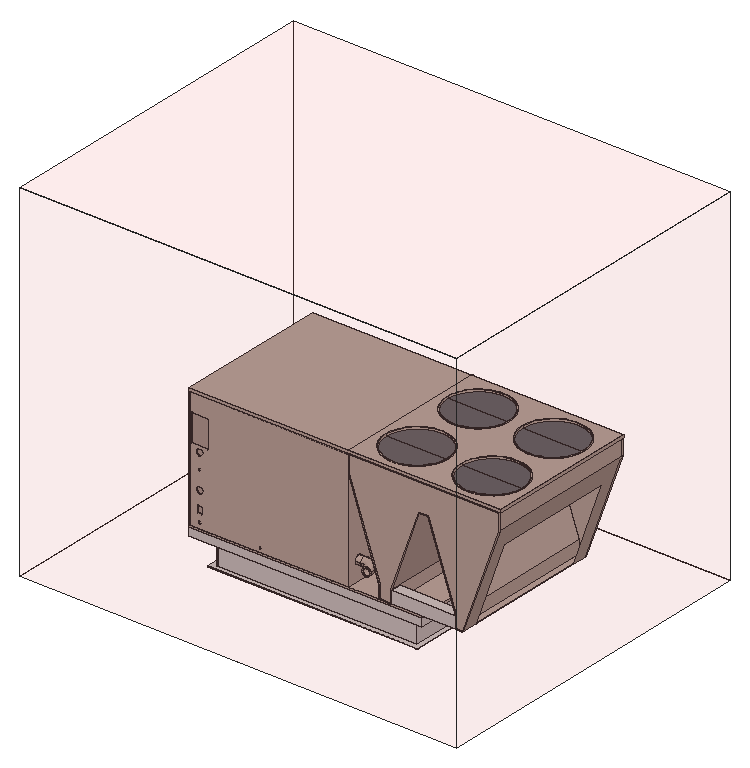
Revit family "Air_Conditioner_Packaged_Rooftop Z(T,V) 10-12.5T, Z(H,J,R,U,W,K, X(P,A) 12.5T", category Mechanical Equipment, Revit 2018
Family settings
  Round Connector Dimension = Use Diameter
  Part Type = Normal
  Work Plane-Based = No
  Always vertical = Yes
  Cut with Voids When Loaded = No
  Shared = No
  Room Calculation Point = No
Parameters (values of type "ZH150 - 12.5 Ton")
  Width = 59"  # constant formula
  Voltage = 230 V
  URL = "www.johnsoncontrols.com"
  Type Comments = "Predator Units"  # constant formula
  Temperature Rise Range [instance] = 0 °F
  Supply Fan HP = 0 VA
  Supply Fan Full Load Current = 0 A
  Supply Air Connection Width (Optional) = 28 1/4"  # constant formula
  Supply Air Connection Width = 21"  # constant formula
  Supply Air Connection Height (Optional) = 18 1/4"  # constant formula
  Supply Air Connection Height = 24"  # constant formula
  Steady State Efficiency [instance] = 0
  Static Resistance [instance] = 0
  Standard Capacity Evaporator [instance] = "0"
  Show Clearance [instance] = yes
  Serial Number [instance] = ""
  Seasonal Energy Efficiency Rating [instance] = 0
  Return Air Dry Bulb Temperature [instance] = 0 °F
  Return Air Connection Width (Optional) = 18 1/4"  # constant formula
  Return Air Connection Width = 18"  # constant formula
  Return Air Connection Height (Optional) = 28 1/4"  # constant formula
  Return Air Connection Height = 27 1/2"  # constant formula
  Refrigerant Used = "R-410A"  # constant formula
  Refrigerant Charge System Two = 8.13 lbf
  Refrigerant Charge System One = 8.13 lbf
  Product Page URL = ""
  Product Documentation Link = ""
  Power Factor = 1  # constant formula
  Outdoor Ambient Temperature [instance] = 0 °F
  Outdoor Air Wet Bulb Temperature [instance] = 0 °F
  Operating Weight = 1280.00 lbf
  OmniClass Title = "Packaged Rooftop Air Conditioning Units"  # constant formula
  OmniClass Number = "23.75.10.24.21.27.14"  # constant formula
  Number of Poles = 3
  Nominal Cooling Capacity = 12.5 ton
  Model = "ZH150"
  Maximum Overcurrent Protection = 0 A
  Manufacturer = "Johnson Controls, Inc."  # constant formula
  Length = 119 1/2"  # constant formula
  Keynote = ""
  Integrated Part Load Value = 0
  Height = 50 3/4"  # constant formula
  Grille Material = Metal - JCI - Steel - Galvanized - Screen
  Gas Heating Performance MBH Output = 0 Btu/h
  Gas Heating Performance MBH Input = 0 Btu/h
  Gas Exhaust Vent Diameter = 3 1/8"  # constant formula
  Gas Connection Diameter (Side) = 3/4"  # constant formula
  Gas Connection Diameter = 3/4"  # constant formula
  Frame Finish = Paint - JCI - Powder Coated - Galvanized Steel
  Filter Type = "2\""
  Filter Size and Quantity = "(24 x 20 x 2) - 4"  # constant formula
  Family Revision Date = "12/19/2017"  # constant formula
  Exhaust Fan HP [instance] = 0 VA
  Exhaust Air Flow = 0 CFM
  Exhaust Air Blower Full Load Current [instance] = 0 A
  Evaporator Coil Row Count = 4  # constant formula
  Evaporator Coil Fins per Inch = 15  # constant formula
  External Static Pressure [instance] = 0.00 in-wg
  Energy Efficiency Rating = 0
  Design Supply Air Flow [instance] = 0 CFM
  Description = "Single Package Air Conditioners and Gas/Electric Heat Units - 12.5 Ton Unit"
  Curb Width = 50 1/2"  # constant formula
  Curb Thicknes = 2"  # constant formula
  Curb Length = 80 5/8"  # constant formula
  Curb Height [instance] = 14"  # constant formula
  Curb Material = Metal - JCI - Steel - Galvanized With Wood Nailer
  Curb Exists [instance] = yes
  Copyright © = "Copyright © 2001-2017 Johnson Controls"  # constant formula
  Convenience Outlet Voltage [instance] = 0 V
  Convenience Outlet Full Load Current = 0 A
  Condenser Fan Quantity = 4  # constant formula
  Condenser Fan HP = 0 VA
  Condenser Fan Full Load Current = 0 A
  Condenser Fan Drive Type = "Direct"  # constant formula
  Condenser Fan Diameter = 24"  # constant formula
  Condenser Coils Fins per Inch = 23
  Condenser Coil Rows = 1
  Condensate Drain Flow [instance] = 0 GPM
  Condensate Drain Connection Diameter (Side) = 3/4"  # constant formula
  Condensate Drain Connection Diameter = 1"  # constant formula
  Compressor Type = "Scroll"  # constant formula
  Compressor Size = "0"  # constant formula
  Compressor Running Load Current = 0 A
  Compressor Quantity = 2  # constant formula
  Compressor Maximum Continuous Current = 0 A
  Compressor Locked Rotor Current = 0 A
  Clearance Top = 72"
  Clearance Right = 12"
  Clearance Left = 36"
  Clearance Front = 36"
  Clearance Bottom [instance] = if(Curb Exists, (Curb Height - Cabinet Base Thickness), 0")  # 11"
  Clearance Back = 36"
  Cabinet Base Thickness = 3"  # constant formula
  CTRL Curb Height [instance] = if(Curb Exists, Curb Height, Cabinet Base Thickness)  # 14"
  Base Length = 89"  # constant formula
  Assembly Code = ""
  Actual Supply Gas Connection Flow [instance] = 0 GPM
  Actual Supply Air Flow [instance] = 0 CFM
  Actual Return Air Flow [instance] = 0 CFM
Types (4): name | Refrigerant Charge System Two | Refrigerant Charge System One | Operating Weight | Model | Condenser Coils Fins per Inch | Condenser Coil Rows
  (no name) | 8.13 lbf | 8.13 lbf | 1280.00 lbf | "ZH150" | 23 | 1
  ZH150 - 12.5 Ton | 8.13 lbf | 8.13 lbf | 1280.00 lbf | "ZH150" | 23 | 1
  ZJ150 - 12.5 Ton | 9.75 lbf | 10.50 lbf | 1280.00 lbf | "ZJ150" | 23 | 1
  ZR150 - 12.5 Ton | 19.00 lbf | 20.00 lbf | 1465.00 lbf | "ZR150" | 15 | 2
Reference planes (in)
  plane 1 "Center (Front/Back)": y = 0
  plane 2 "Curb Bottom": z = 0
  plane 3 "Center (Left/Right)": x = 0
  plane 4 "Left": x = -59.75
  plane 5 "Right": x = 59.75
  plane 6 "Back": y = 29.5
  plane 7 "Front": y = -29.5
  plane 8 "Cabinet Base Bottom": z = 11
  plane 9 "Top": z = 61.75
  plane 10 "Cabinet Base Top": z = 14
  plane 11 "Top Inset": z = 60.75
  plane 12: z = 14.87891
  plane 13 "Curb Right": x = 24.6875
  plane 14 "Curb Left": x = -55.9375
  plane 15 "Curb Back": y = 25.25
  plane 16 "Curb Front": y = -25.25
  plane 17 "Base Right": x = 29.25
  plane 18: x = -55.5625
  plane 19 "Gas Vent": z = 22.375
Forms (in)
  Sweep 1, solid, material "Metal - JCI - Steel Galvanized", detail levels fine
    path origin (0, 0, 0) x (1, 0, 0) y (0, 0, 1)
      loop
        line (0, 11) -> (0, 14)
    profile origin (0, 0, 12.5) x (-1, 0, 0) y (0, -1, 0)
      loop
        line (59.75, -29.5) -> (59.75, 29.5) -> (-29.25, 29.5) -> (-29.25, -29.5) -> (59.75, -29.5)
      loop
        line (56.25, -26) -> (56.25, 26) -> (-25.75, 26) -> (-25.75, -26) -> (56.25, -26)
  Sweep 2, solid, material "Paint - JCI - Powder Coated - Galvanized Steel" <- "Frame Finish", detail levels fine
    path origin (0, 0, 0) x (1, 0, 0) y (0, 0, 1)
      loop
        line (0, 14.87891) -> (0, 60.75)
    profile origin (0, 0, 37.81445) x (-1, 0, 0) y (0, -1, 0)
      loop
        line (59.75, -29.5) -> (59.75, 29.5) -> (-1.25, 29.5) -> (-1.25, -29.5) -> (59.75, -29.5)
      loop
        line (59.72, -29.47) -> (59.72, 29.47) -> (-1.22, 29.47) -> (-1.22, -29.47) -> (59.72, -29.47)
  Sweep 3, solid, material "Paint - JCI - Powder Coated - Galvanized Steel" <- "Frame Finish", detail levels fine
    path origin (0, 0, 0) x (1, 0, 0) y (0, 0, 1)
      loop
        line (0, 60.75) -> (0, 61.75)
    profile origin (0, 0, 61.25) x (-1, 0, 0) y (0, -1, 0)
      loop
        line (-59.75, -29.5) -> (59.75, -29.5) -> (59.75, 29.5) -> (-59.75, 29.5) -> (-59.75, -29.5)
      loop
        circle (-44.52, -14.65) r 12
      loop
        circle (-44.52, 14.65) r 12
      loop
        circle (-15.66, -14.65) r 12
      loop
        circle (-15.66, 14.65) r 12
  Sweep 4, solid, material "Paint - JCI - Powder Coated - Galvanized Steel" <- "Frame Finish", detail levels fine
    path origin (0, 0, 0) x (1, 0, 0) y (0, 0, 1)
      loop
        line (0, 14) -> (0, 14.87891)
    profile origin (0, 0, 14.43945) x (-1, 0, 0) y (0, -1, 0)
      loop
        line (-29.25, -29.5) -> (59.75, -29.5) -> (59.75, 29.5) -> (-29.25, 29.5) -> (-29.25, -29.5)
  Sweep 5, void
    path origin (0, 0, 0) x (1, 0, 0) y (0, 0, 1)
      loop
        line (0, 14) -> (0, 14.87891)
    profile origin (0, 0, 14.43945) x (-1, 0, 0) y (0, -1, 0)
      loop
        line (34.9375, -22.6875) -> (52.9375, -22.6875) -> (52.9375, 4.8125) -> (34.9375, 4.8125) -> (34.9375, -22.6875)
      loop
        line (6.0625, -22.6875) -> (27.0625, -22.6875) -> (27.0625, 1.3125) -> (6.0625, 1.3125) -> (6.0625, -22.6875)
      loop
        circle (40.125, 22.375) r 0.5
      loop
        circle (-3.6875, 17.1875) r 0.375
      loop
        circle (45.25, 9.375) r 0.4375
      loop
        circle (43.375, 10.375) r 1.2345
      loop
        circle (41.6875, 12.375) r 0.4375
  Sweep 6, solid, material "Metal - JCI - Steel - Galvanized With Wood Nailer" <- "Curb Material", visible <- "Curb Exists", detail levels fine
    path origin (0, 0, 0) x (1, 0, 0) y (0, 1, 0)
      loop
        line (-55.9375, 25.25) -> (-55.9375, -25.25) -> (24.6875, -25.25) -> (24.6875, 25.25) -> (-55.9375, 25.25)
    profile origin (24.6875, 0, 0) x (1, 0, 0) y (0, 0, 1)
      loop
        line (0, 14) -> (-2, 14) -> (-2, 0) -> (0, 0) -> (0, 0.06) -> (-1.94, 0.06) -> (-1.94, 13) -> (0, 13) -> (0, 14)
      loop
        line (-1.94, 13.06) -> (-0.06, 13.06) -> (-0.06, 13.94) -> (-1.94, 13.94) -> (-1.94, 13.06)
  Extrusion 7, solid, material "Metal - JCI - Steel - Galvanized With Wood Nailer" <- "Curb Material", visible <- "Curb Exists", detail levels fine
    sketch origin (0, 0, 14) x (-1, 0, 0) y (0, -1, 0)
      loop
        line (1.9375, -23.25) -> (1.9375, 6.75) -> (27.9375, 6.75) -> (27.9375, -23.25) -> (33.9375, -23.25) -> (33.9375, 6.75) -> (53.9375, 6.75) -> (53.9375, 23.25) -> (41.375, 23.25) -> (41.375, 20.75) -> (38.875, 20.75) -> (38.875, 23.25) -> (-22.6875, 23.25) -> (-22.6875, -23.25) -> (1.9375, -23.25)
      loop
        line (47.4375, 7.25) -> (47.4375, 15.25) -> (39.4375, 15.25) -> (39.4375, 7.25) -> (47.4375, 7.25)
      loop
        line (-5.6875, 15.1875) -> (-1.6875, 15.1875) -> (-1.6875, 19.1875) -> (-5.6875, 19.1875) -> (-5.6875, 15.1875)
    from 0 to -1
  Extrusion 8, void
    sketch origin (0, 0, 0) x (1, 0, 0) y (0, 0, 1)
      loop
        line (-38.625, 57.3125) -> (-56.875, 57.3125) -> (-56.875, 29.0625) -> (-38.625, 29.0625) -> (-38.625, 57.3125)
      loop
        line (0.125, 34.40625) -> (-28.125, 34.40625) -> (-28.125, 16.15625) -> (0.125, 16.15625) -> (0.125, 34.40625)
    from -29.5 to 0
  Sweep 9, solid, material "Paint - JCI - Powder Coated - Galvanized Steel" <- "Frame Finish", detail levels fine
    path origin (0, 0, 14) x (-1, 0, 0) y (0, -1, 0)
      loop
        line (-59.75, -29.5) -> (-59.75, 29.5)
    profile "ZH_ZJ_ZR150_Profile with 1by16 : ZH_ZJ_ZR150_Profile with 1by16" origin (59.75, 0, 14) x (1, 0, 0) y (0, 0, 1)
      loop
        line (-58.5, 46.75) -> (-58.5, 39.76283) -> (-46.622, 6.06159) -> (-46.622, 0.88) -> (-42.046, 0.88) -> (-42.046, 5.5679) -> (-31.3546, 35.90297) -> (-27.90459, 35.90297) -> (-17.213, 5.5679) -> (-17.213, 0.88) -> (-14.46303, 0.88) -> (-0.599, 40.21618) -> (-0.599, 46.75) -> (-58.5, 46.75)
      loop
        line (-31.39884, 35.96547) -> (-27.86035, 35.96547) -> (-17.1505, 5.57859) -> (-17.1505, 0.9425) -> (-14.50727, 0.9425) -> (-0.6615, 40.22687) -> (-0.6615, 46.6875) -> (-58.4375, 46.6875) -> (-58.4375, 39.77352) -> (-46.5595, 6.07228) -> (-46.5595, 0.9425) -> (-42.1085, 0.9425) -> (-42.1085, 5.57859) -> (-31.39884, 35.96547)
  Sweep 10, solid, material "Paint - JCI - Powder Coated - Galvanized Steel" <- "Frame Finish", detail levels fine
    path origin (0, 0, 14) x (-1, 0, 0) y (0, -1, 0)
      loop
        line (-59.75, 29.5) -> (-59.75, 29.4375)
    profile "ZH_ZJ_ZR150_Profile : ZH_ZJ_ZR150_Profile" origin (59.75, -29.46875, 14) x (-1, 0, 0) y (0, 0, 1)
      loop
        line (0.599, 40.21618) -> (14.46303, 0.88) -> (17.213, 0.88) -> (17.213, 5.5679) -> (27.90459, 35.90297) -> (31.3546, 35.90297) -> (42.046, 5.5679) -> (42.046, 0.88) -> (46.622, 0.88) -> (46.622, 6.06159) -> (58.5, 39.76283) -> (58.5, 46.75) -> (0.599, 46.75) -> (0.599, 40.21618)
  Sweep 11, solid, material "Paint - JCI - Powder Coated - Galvanized Steel" <- "Frame Finish", detail levels fine
    path origin (0, 0, 14) x (-1, 0, 0) y (0, -1, 0)
      loop
        line (-59.75, -29.5) -> (-59.75, -29.4375)
    profile "ZH_ZJ_ZR150_Profile : ZH_ZJ_ZR150_Profile" origin (59.75, 29.46875, 14) x (1, 0, 0) y (0, 0, 1)
      loop
        line (-0.599, 40.21618) -> (-0.599, 46.75) -> (-58.5, 46.75) -> (-58.5, 39.76283) -> (-46.622, 6.06159) -> (-46.622, 0.88) -> (-42.046, 0.88) -> (-42.046, 5.5679) -> (-31.3546, 35.90297) -> (-27.90459, 35.90297) -> (-17.213, 5.5679) -> (-17.213, 0.88) -> (-14.46303, 0.88) -> (-0.599, 40.21618)
  Sweep 12, solid, material "Metal - JCI - Steel - Galvanized - Screen" <- "Grille Material", detail levels fine
    path origin (0, -29.5, 0) x (1, 0, 0) y (0, 0, 1)
      loop
        line (59.75, 61.75) -> (59.75, 61.78125)
    profile origin (59.75, -29.5, 61.76562) x (-1, 0, 0) y (0, -1, 0)
      loop
        line (0, -59) -> (58.52, -59) -> (58.52, 0) -> (0, 0) -> (0, -59)
  Sweep 13, void
    path origin (0, 0, 61.75) x (-1, 0, 0) y (0, -1, 0)
      loop
        line (59.75, 29.5) -> (59.75, 29.4375)
    profile origin (-59.75, -29.46875, 61.75) x (-1, 0, 0) y (0, 0, 1)
      loop
        circle (-27.3125, -45.375) r 0.375
      loop
        circle (-4.1875, -44.5625) r 0.4375
      loop
        circle (-4.1875, -33.5625) r 1.25
      loop
        circle (-4.1875, -26.5625) r 0.4375
      loop
        circle (-4.1875, -20.5625) r 1.25
      loop
        line (-3.28125, -38.84375) -> (-5.09375, -38.84375) -> (-5.09375, -41.71875) -> (-3.28125, -41.71875) -> (-3.28125, -38.84375)
      loop
        line (-1.0625, -7.875) -> (-7.3125, -7.875) -> (-7.3125, -18.5) -> (-1.0625, -18.5) -> (-1.0625, -7.875)
  Sweep 14, solid, material "Paint - JCI - Powder Coated - Galvanized Steel" <- "Frame Finish", detail levels fine
    path origin (0, 0, 22.375) x (-1, 0, 0) y (0, -1, 0)
      loop
        line (0, 24.75) -> (-3.5625, 24.75)
        arc (-3.5625, 24.75) -> (-6.74448, 26.06802) -> (-8.0625, 29.25) r 4.5
        line (-8.0625, 29.25) -> (-8.0625, 29.5)
    profile origin (8.0625, -29.5, 22.375) x (1, 0, 0) y (0, 0, 1)
      loop
        circle (0, 0) r 1.5625
      loop
        circle (0, 0) r 1.51172
  Sweep 15, solid, material "Metal - JCI - Steel - Galvanized - Screen" <- "Grille Material", detail levels fine
    path origin (0, 0, 22.375) x (-1, 0, 0) y (0, -1, 0)
      loop
        line (0, 29.4375) -> (0, 29.5)
    profile origin (0, -29.46875, 22.375) x (1, 0, 0) y (0, 0, 1)
      loop
        circle (8.0625, 0) r 1.5625
  Sweep 16, void
    path origin (0, 0, 61.75) x (-1, 0, 0) y (0, -1, 0)
      loop
        line (-1.25, 29.5) -> (-1.1875, 29.5)
    profile origin (1.21875, -29.5, 61.75) x (0, -1, 0) y (0, 0, 1)
      loop
        circle (-3.1875, -29.5) r 0.375
  Sweep 17, solid, material "Metal - JCI - Steel Galvanized", detail levels fine
    path origin (0, 0, 14) x (-1, 0, 0) y (0, -1, 0)
      loop
        line (-17.704, 29.5) -> (-42.537, 29.5)
    profile origin (30.1205, -29.5, 14) x (0, 1, 0) y (0, 0, 1)
      loop
        line (0, 0.87891) -> (3.9375, 0.87891) -> (3.9375, 5.5679) -> (0, 5.5679) -> (0, 0.87891)
      loop
        line (55.0625, 0.87891) -> (59, 0.87891) -> (59, 5.5679) -> (55.0625, 5.5679) -> (55.0625, 0.87891)
  Extrusion 18, void
    sketch origin (59.151, 29.5, 54.21618) x (0, 1, 0) y (-0.332408, 0, -0.943136)
      loop
        line (-53, 8.76055) -> (-6, 8.76055) -> (-6, 41.70787) -> (-53, 41.70787) -> (-53, 8.76055)
    from 0 to 0.0625
  Extrusion 19, solid, material "Metal - JCI - Steel - Galvanized - Screen" <- "Grille Material", detail levels fine
    sketch origin (59.151, 29.5, 54.21618) x (0, -1, 0) y (-0.332408, 0, -0.943136)
      loop
        line (53, 8.76055) -> (53, 41.70787) -> (6, 41.70787) -> (6, 8.76055) -> (53, 8.76055)
    from 0 to -0.0625
Cuts and joins
  Sweep 5 cuts Sweep 4
  Extrusion 8, Sweep 13, Sweep 16 cuts Sweep 2
  joined: Sweep 2, Sweep 14
  joined: Sweep 6, Extrusion 7
  Extrusion 18 cuts Sweep 9
Lines and regions (in)
  model lines, detail levels coarse+medium
    curve 1: line (-59.75, -29.5, 61.75) -> (59.75, -29.5, 61.75)
    curve 2: line (-59.75, -29.5, 11) -> (-59.75, -29.5, 61.75)
    curve 3: line (59.75, -29.5, 11) -> (-59.75, -29.5, 11)
    curve 4: line (59.75, -29.5, 61.75) -> (59.75, -29.5, 11)
    curve 5: line (-59.75, 29.5, 61.75) -> (59.75, 29.5, 61.75)
    curve 6: line (-59.75, 29.5, 11) -> (-59.75, 29.5, 61.75)
    curve 7: line (59.75, 29.5, 11) -> (-59.75, 29.5, 11)
    curve 8: line (59.75, 29.5, 61.75) -> (59.75, 29.5, 11)
    curve 9: line (59.75, -29.5, 61.75) -> (59.75, 29.5, 61.75)
    curve 10: line (59.75, -29.5, 11) -> (59.75, -29.5, 61.75)
    curve 11: line (59.75, 29.5, 11) -> (59.75, -29.5, 11)
    curve 12: line (59.75, 29.5, 61.75) -> (59.75, 29.5, 11)
    curve 13: line (-59.75, -29.5, 61.75) -> (-59.75, 29.5, 61.75)
    curve 14: line (-59.75, -29.5, 11) -> (-59.75, -29.5, 61.75)
    curve 15: line (-59.75, 29.5, 11) -> (-59.75, -29.5, 11)
    curve 16: line (-59.75, 29.5, 61.75) -> (-59.75, 29.5, 11)
  model lines, visible <- "Curb Exists", detail levels coarse+medium
    curve 17: line (-55.9375, -25.25, 14) -> (24.6875, -25.25, 14)
    curve 18: line (-55.9375, -25.25, 0) -> (-55.9375, -25.25, 14)
    curve 19: line (24.6875, -25.25, 0) -> (-55.9375, -25.25, 0)
    curve 20: line (24.6875, -25.25, 14) -> (24.6875, -25.25, 0)
    curve 21: line (-55.9375, 25.25, 0) -> (24.6875, 25.25, 0)
    curve 22: line (-55.9375, 25.25, 14) -> (-55.9375, 25.25, 0)
    curve 23: line (24.6875, 25.25, 14) -> (-55.9375, 25.25, 14)
    curve 24: line (24.6875, 25.25, 0) -> (24.6875, 25.25, 14)
    curve 25: line (24.6875, -25.25, 0) -> (24.6875, 25.25, 0)
    curve 26: line (24.6875, -25.25, 14) -> (24.6875, -25.25, 0)
    curve 27: line (24.6875, 25.25, 14) -> (24.6875, -25.25, 14)
    curve 28: line (24.6875, 25.25, 0) -> (24.6875, 25.25, 14)
    curve 29: line (-55.9375, -25.25, 0) -> (-55.9375, 25.25, 0)
    curve 30: line (-55.9375, -25.25, 14) -> (-55.9375, -25.25, 0)
    curve 31: line (-55.9375, 25.25, 14) -> (-55.9375, -25.25, 14)
    curve 32: line (-55.9375, 25.25, 0) -> (-55.9375, 25.25, 14)
  model lines, detail levels fine
    curve 33: line (-52.0625, -29.5, 60.75) -> (-52.0625, -29.5, 14.87891)
    curve 34: line (-33.875, -29.5, 60.75) -> (-33.875, -29.5, 14.87891)
    curve 35: line (-29.625, -29.5, 60.75) -> (-29.625, -29.5, 14.87891)
    curve 36: line (-29.625, -29.5, 32.0625) -> (1.25, -29.5, 32.0625)
    curve 37: line (-29.625, -29.5, 34.1875) -> (1.25, -29.5, 34.1875)
    curve 38: line (-59.75, 25.875, 60.75) -> (-59.75, 25.875, 14.87891)
    curve 39: line (-59.75, -5.8125, 14.87891) -> (-59.75, -5.8125, 60.75)
    curve 40: line (-59.75, -25.5625, 14.87891) -> (-59.75, -25.5625, 60.75)
    curve 41: line (-59.75, 25.875, 37.375) -> (-59.75, -5.8125, 37.375)
    curve 42: line (-29.25, 29.5, 61.75) -> (-29.25, -29.5, 61.75)
    curve 43: line (30.1204, -29.5, 49.96547) -> (30.1204, -29.5, 60.75)
    curve 44: line (30.1204, 29.5, 49.96547) -> (30.1204, 29.5, 60.75)
Dimensions and locks (in)
  equal spacing: plane 4 "Left", plane 3 "Center (Left/Right)", plane 5 "Right"
  "Length": plane 4 "Left" to plane 5 "Right"
  equal spacing: plane 7 "Front", plane 1 "Center (Front/Back)", plane 6 "Back"
  "Width": plane 7 "Front" to plane 6 "Back"
  "Height": plane 9 "Top" to plane 8 "Cabinet Base Bottom"
  "Cabinet Base Thickness": plane 10 "Cabinet Base Top" to plane 8 "Cabinet Base Bottom"
  locked: Sweep 1 sketch curve to Sweep 1 sketch curve at 3.5  (x4)
  locked: Sweep 2 sketch curve to Sweep 2 sketch curve at 0.03  (x4)
  locked: plane 9 "Top" to plane 11 "Top Inset" at 1
  plane 12 to plane 10 "Cabinet Base Top" = 225/256"
  "Return Air Connection Height": Sweep 5 sketch curve to Sweep 5 sketch curve
  "Supply Air Connection Height": Sweep 5 sketch curve to Sweep 5 sketch curve
  "Supply Air Connection Width": Sweep 5 sketch curve to Sweep 5 sketch curve
  "Return Air Connection Width": Sweep 5 sketch curve to Sweep 5 sketch curve
  "Curb Length": plane 14 "Curb Left" to plane 13 "Curb Right"
  equal spacing: plane 16 "Curb Front", plane 1 "Center (Front/Back)", plane 15 "Curb Back"
  "Curb Width": plane 16 "Curb Front" to plane 15 "Curb Back"
  "Curb Thicknes": Sweep 6 sketch curve to profile plane
  "Curb Height": Sweep 6 sketch curve to profile plane
  locked: Sweep 6 sketch curve to Sweep 6 sketch curve at 1
  locked: Sweep 6 sketch curve to Sweep 6 sketch curve at 0.06  (x6)
  "CTRL Curb Height": plane 10 "Cabinet Base Top" to plane 2 "Curb Bottom"
  nested 2 to plane 7 "Front" = 36"
  plane 6 "Back" to nested 2 = 36"
  plane 5 "Right" to nested 2 = 12"
  nested 2 to plane 4 "Left" = 36"
  "Curb Height": curve 17 to plane 2 "Curb Bottom"
  "Curb Height": curve 23 to plane 2 "Curb Bottom"
  "Curb Height": curve 27 to plane 2 "Curb Bottom"
  "Curb Height": curve 31 to plane 2 "Curb Bottom"
  locked: nested 1 to plane 6 "Back" at 14.85
  locked: Sweep 6 to Extrusion 7 sketch curve at 20
  locked: Extrusion 7 sketch curve to Extrusion 7 sketch curve at 6
  locked: Extrusion 7 sketch curve to Extrusion 7 sketch curve at 26
  locked: Extrusion 7 sketch curve to Sweep 6 at 30
  locked: Sweep 3 sketch curve to plane 6 "Back" at 14.85  (x2)
  locked: Sweep 3 sketch curve to plane 5 "Right" at 15.23  (x2)
  locked: plane 7 "Front" to Sweep 3 sketch curve at 14.85  (x2)
  locked: nested 1 to plane 5 "Right" at 15.23
  locked: nested 3 to plane 5 "Right" at 15.23
  locked: plane 7 "Front" to nested 3 at 14.85
  locked: plane 4 "Left" to Sweep 5 sketch curve at 6.8125
  locked: Sweep 5 sketch curve to plane 6 "Back" at 6.8125  (x2)
  locked: plane 7 "Front" to Sweep 5 sketch curve at 20.125
  locked: plane 7 "Front" to Sweep 5 sketch curve at 7.125
  locked: Sweep 5 sketch curve to plane 17 "Base Right" at 25.5625
  locked: plane 7 "Front" to Sweep 5 sketch curve at 12.3125
  locked: Extrusion 8 sketch curve to plane 4 "Left" at 2.875
  "Return Air Connection Width (Optional)": Extrusion 8 sketch curve to Extrusion 8 sketch curve
  locked: plane 8 "Cabinet Base Bottom" to Extrusion 8 sketch curve at 18.0625
  "Return Air Connection Height (Optional)": Extrusion 8 sketch curve to Extrusion 8 sketch curve
  "Supply Air Connection Width (Optional)": Extrusion 8 sketch curve to Extrusion 8 sketch curve
  "Supply Air Connection Height (Optional)": Extrusion 8 sketch curve to Extrusion 8 sketch curve
  locked: plane 4 "Left" to Extrusion 8 sketch curve at 31.625
  locked: plane 8 "Cabinet Base Bottom" to Extrusion 8 sketch curve at 5.15625
  "Base Length": plane 4 "Left" to plane 17 "Base Right"
  locked: Sweep 3 sketch curve to plane 5 "Right" at 44.09  (x2)
  locked: plane 4 "Left" to Sweep 5 sketch curve at 32.6875
  locked: plane 4 "Left" to Sweep 5 sketch curve at 14.5
  locked: plane 4 "Left" to Sweep 5 sketch curve at 16.375
  locked: plane 7 "Front" to Sweep 5 sketch curve at 19.125
  locked: plane 7 "Front" to Sweep 5 sketch curve at 17.125
  locked: plane 4 "Left" to Sweep 5 sketch curve at 18.0625
  locked: plane 4 "Left" to Sweep 5 sketch curve at 19.625
  locked: plane 4 "Left" to plane 14 "Curb Left" at 3.8125
  locked: Extrusion 7 sketch curve to Extrusion 7 sketch curve at 6.5
  locked: Extrusion 7 sketch curve to Extrusion 7 sketch curve at 8  (x2)
  locked: Extrusion 7 sketch curve to Extrusion 7 sketch curve at 2.5  (x2)
  locked: Extrusion 7 sketch curve to Extrusion 7 sketch curve at 12.5625
  locked: Extrusion 7 sketch curve to Extrusion 7 sketch curve at 4  (x2)
  locked: Extrusion 7 sketch curve to Extrusion 7 sketch curve at 4.0625
  locked: Extrusion 7 sketch curve to Extrusion 7 sketch curve at 17
  locked: Extrusion 7 sketch curve to Extrusion 7 sketch curve at 16.5
  locked: Extrusion 7 sketch curve to Extrusion 7 sketch curve at 24.625
  locked: plane 4 "Left" to Sweep 2 sketch curve at 61
  locked: plane 7 "Front" to Sweep 10 sketch curve at 0.0625
  locked: Sweep 11 sketch curve to plane 6 "Back" at 0.0625
  locked: Sweep 12 sketch curve to plane 9 "Top" at 0.03125
  locked: Sweep 12 sketch curve to plane 5 "Right" at 58.52
  locked: nested 4 to plane 5 "Right" at 44.09
  locked: nested 5 to plane 5 "Right" at 44.09
  plane 17 "Base Right" to plane 4 "Left" = 89"
  locked: plane 7 "Front" to Sweep 13 sketch curve at 0.0625
  locked: plane 18 to plane 4 "Left" at 4.1875
  locked: Sweep 13 sketch curve to plane 4 "Left" at 27.3125
  locked: Sweep 13 sketch curve to plane 8 "Cabinet Base Bottom" at 5.375
  locked: Sweep 13 sketch curve to plane 8 "Cabinet Base Bottom" at 6.1875
  locked: Sweep 13 sketch curve to plane 8 "Cabinet Base Bottom" at 17.1875
  locked: Sweep 13 sketch curve to plane 8 "Cabinet Base Bottom" at 24.1875
  locked: Sweep 13 sketch curve to plane 8 "Cabinet Base Bottom" at 30.1875
  locked: Sweep 13 sketch curve to plane 8 "Cabinet Base Bottom" at 9.03125
  locked: Sweep 13 sketch curve to Sweep 13 sketch curve at 2.875
  locked: Sweep 13 sketch curve to Sweep 13 sketch curve at 1.8125
  equal spacing: Sweep 13 sketch curve, plane 18, Sweep 13 sketch curve  (x2)
  locked: Sweep 13 sketch curve to plane 8 "Cabinet Base Bottom" at 32.25
  locked: Sweep 13 sketch curve to Sweep 13 sketch curve at 10.625
  Sweep 13 sketch curve to Sweep 13 sketch curve = 6 1/4"
  locked: plane 19 "Gas Vent" to plane 8 "Cabinet Base Bottom" at 11.375
  locked: plane 7 "Front" to Sweep 14 sketch curve at 4.75
  locked: plane 3 "Center (Left/Right)" to Sweep 14 sketch curve at 8.0625
  locked: plane 7 "Front" to Sweep 16 sketch curve at 3.1875
  locked: Sweep 16 sketch curve to plane 8 "Cabinet Base Bottom" at 21.25
  nested 2 to plane 9 "Top" = 72"
  locked: curve 33 to plane 4 "Left" at 7.6875
  locked: curve 34 to plane 4 "Left" at 25.875
  locked: curve 35 to plane 4 "Left" at 30.125
  locked: curve 36 to plane 8 "Cabinet Base Bottom" at 21.0625
  locked: curve 37 to plane 8 "Cabinet Base Bottom" at 23.1875
  locked: plane 6 "Back" to curve 38 at 3.625
  locked: plane 6 "Back" to curve 39 at 35.3125
  locked: curve 40 to plane 7 "Front" at 3.9375
  locked: curve 41 to plane 8 "Cabinet Base Bottom" at 26.375
  locked: plane 4 "Left" to curve 42 at 30.5
  locked: Sweep 17 sketch curve to plane 5 "Right" at 17.213
  locked: Sweep 17 sketch curve to plane 5 "Right" at 42.046
  locked: Sweep 17 sketch curve to Sweep 17 sketch curve at 3.9375  (x2)
  locked: Sweep 17 sketch curve to plane 12 at 4.68899  (x2)
  "Condenser Fan Diameter": diameter of Sweep 3 sketch curve  (x4)
  "Condensate Drain Connection Diameter": diameter of Sweep 5 sketch curve
  "Gas Connection Diameter": diameter of Sweep 5 sketch curve
  "Condensate Drain Connection Diameter (Side)": diameter of Sweep 13 sketch curve
  "Gas Connection Diameter (Side)": diameter of Sweep 16 sketch curve
  aligned and locked: level to plane 2 "Curb Bottom"
  aligned and locked: plane 8 "Cabinet Base Bottom" to Sweep 1 sketch curve
  aligned and locked: plane 3 "Center (Left/Right)" to Sweep 1 sketch curve
  aligned and locked: plane 10 "Cabinet Base Top" to Sweep 1 sketch curve
  aligned and locked: plane 6 "Back" to Sweep 1 sketch curve
  aligned and locked: Sweep 1 sketch curve to plane 7 "Front"
  aligned and locked: plane 3 "Center (Left/Right)" to Sweep 2 sketch curve
  aligned and locked: plane 4 "Left" to Sweep 2 sketch curve
  aligned and locked: plane 11 "Top Inset" to Sweep 2 sketch curve
  aligned and locked: Sweep 3 sketch curve to Sweep 2
  aligned and locked: plane 3 "Center (Left/Right)" to Sweep 3 sketch curve
  aligned and locked: plane 9 "Top" to Sweep 3 sketch curve
  aligned and locked: plane 12 to Sweep 2 sketch curve
  aligned and locked: plane 3 "Center (Left/Right)" to Sweep 4 sketch curve
  aligned and locked: plane 10 "Cabinet Base Top" to Sweep 4 sketch curve
  aligned and locked: plane 12 to Sweep 4 sketch curve
  aligned and locked: plane 3 "Center (Left/Right)" to Sweep 5 sketch curve
  aligned and locked: plane 10 "Cabinet Base Top" to Sweep 5 sketch curve
  aligned and locked: plane 12 to Sweep 5 sketch curve
  aligned and locked: plane 15 "Curb Back" to Sweep 6 sketch curve
  aligned and locked: plane 14 "Curb Left" to Sweep 6 sketch curve
  aligned and locked: Sweep 6 sketch curve to plane 16 "Curb Front"
  aligned and locked: Sweep 6 sketch curve to plane 13 "Curb Right"
  aligned and locked: profile plane to Sweep 6 sketch curve  (x2)
  aligned and locked: Sweep 6 sketch curve to profile plane
  aligned and locked: Extrusion 7 to plane 10 "Cabinet Base Top"
  aligned and locked: Sweep 6 to Extrusion 7
  aligned and locked: plane 8 "Cabinet Base Bottom" to nested 2
  aligned and locked: curve 1 to plane 9 "Top"
  aligned and locked: plane 4 "Left" to curve 2
  aligned and locked: plane 8 "Cabinet Base Bottom" to curve 3
  aligned and locked: curve 4 to plane 5 "Right"
  aligned and locked: curve 5 to plane 9 "Top"
  aligned and locked: plane 4 "Left" to curve 6
  aligned and locked: plane 8 "Cabinet Base Bottom" to curve 7
  aligned and locked: curve 8 to plane 5 "Right"
  aligned and locked: curve 9 to plane 9 "Top"
  aligned and locked: curve 10 to plane 7 "Front"
  aligned and locked: plane 8 "Cabinet Base Bottom" to curve 11
  aligned and locked: plane 6 "Back" to curve 12
  aligned and locked: curve 13 to plane 9 "Top"
  aligned and locked: curve 14 to plane 7 "Front"
  aligned and locked: plane 8 "Cabinet Base Bottom" to curve 15
  aligned and locked: plane 6 "Back" to curve 16
  aligned and locked: plane 14 "Curb Left" to curve 18
  aligned and locked: plane 2 "Curb Bottom" to curve 19
  aligned and locked: curve 20 to plane 13 "Curb Right"
  aligned and locked: curve 21 to plane 2 "Curb Bottom"
  aligned and locked: curve 22 to plane 14 "Curb Left"
  aligned and locked: plane 13 "Curb Right" to curve 24
  aligned and locked: curve 25 to plane 2 "Curb Bottom"
  aligned and locked: plane 16 "Curb Front" to curve 26
  aligned and locked: curve 28 to plane 15 "Curb Back"
  aligned and locked: curve 29 to plane 2 "Curb Bottom"
  aligned and locked: plane 16 "Curb Front" to curve 30
  aligned and locked: curve 32 to plane 15 "Curb Back"
  aligned and locked: Sweep 6 to Extrusion 7 sketch curve  (x3)
  aligned and locked: Extrusion 7 sketch curve to Extrusion 7 sketch curve  (x2)
  aligned and locked: plane 4 "Left" to Sweep 1 sketch curve
  aligned and locked: plane 7 "Front" to Sweep 4 sketch curve
  aligned and locked: Sweep 4 sketch curve to plane 6 "Back"
  aligned and locked: Sweep 4 sketch curve to plane 4 "Left"
  aligned and locked: plane 7 "Front" to Sweep 3 sketch curve
  aligned and locked: Sweep 3 sketch curve to plane 6 "Back"
  aligned and locked: plane 5 "Right" to Sweep 3 sketch curve
  aligned and locked: Sweep 3 sketch curve to plane 4 "Left"
  aligned and locked: plane 6 "Back" to Sweep 2 sketch curve
  aligned and locked: Sweep 2 sketch curve to plane 7 "Front"
  aligned and locked: Extrusion 8 to plane 6 "Back"
  aligned and locked: plane 1 "Center (Front/Back)" to Extrusion 8
  aligned and locked: Sweep 1 sketch curve to plane 17 "Base Right"
  aligned and locked: plane 17 "Base Right" to Sweep 4 sketch curve
  aligned and locked: plane 6 "Back" to Sweep 9 sketch curve
  aligned and locked: plane 7 "Front" to Sweep 9 sketch curve
  aligned and locked: Sweep 9 sketch curve to plane 5 "Right"
  aligned and locked: plane 7 "Front" to Sweep 10 sketch curve
  aligned and locked: plane 5 "Right" to Sweep 10 sketch curve
  aligned and locked: plane 6 "Back" to Sweep 11 sketch curve
  aligned and locked: Sweep 11 sketch curve to plane 5 "Right"
  aligned and locked: plane 9 "Top" to Sweep 12 sketch curve
  aligned and locked: plane 5 "Right" to Sweep 12 sketch curve  (x2)
  aligned and locked: Sweep 12 sketch curve to plane 6 "Back"
  aligned and locked: plane 7 "Front" to Sweep 12 sketch curve
  aligned and locked: nested 3 to nested 5
  aligned and locked: nested 1 to nested 4
  aligned and locked: plane 7 "Front" to Sweep 13 sketch curve
  aligned and locked: plane 4 "Left" to Sweep 13 sketch curve
  aligned and locked: plane 18 to Sweep 13 sketch curve  (x4)
  aligned and locked: plane 3 "Center (Left/Right)" to Sweep 14 sketch curve
  aligned and locked: plane 7 "Front" to Sweep 14 sketch curve
  aligned and locked: profile plane to plane 19 "Gas Vent"
  aligned and locked: plane 19 "Gas Vent" to Sweep 14 sketch curve  (x2)
  aligned and locked: plane 7 "Front" to Sweep 15 sketch curve
  aligned and locked: Sweep 10 to Sweep 15 sketch curve
  aligned and locked: Sweep 15 sketch curve to plane 3 "Center (Left/Right)"
  aligned and locked: Sweep 15 sketch curve to cut or joined group of Sweep 2, Extrusion 8, Sweep 13, Sweep 14, Sweep 16  (x2)
  aligned and locked: Sweep 16 sketch curve to plane 7 "Front"
  aligned and locked: plane 11 "Top Inset" to curve 33
  aligned and locked: plane 12 to curve 33
  aligned and locked: plane 7 "Front" to Sweep 17 sketch curve
  aligned and locked: plane 12 to Sweep 17 sketch curve  (x2)
  aligned and locked: Sweep 17 sketch curve to plane 7 "Front"
  aligned and locked: Sweep 17 sketch curve to nested 2
  aligned and locked: Extrusion 18 to Sweep 10
  aligned and locked: Sweep 9 to Extrusion 18
  aligned and locked: Extrusion 19 to Sweep 10
  aligned and locked: cut or joined group of Sweep 9, Extrusion 18 to Extrusion 19
Automatic sketch dimensions
  Extrusion 7 sketch curve to Extrusion 7 sketch curve = 1/2"
  plane 16 "Curb Front" to Sweep 14 sketch curve = 4"
  profile plane to Sweep 14 sketch curve = 0"
  Sweep 14 sketch curve to Sweep 14 sketch curve = 0"
  curve 38 to plane 12 = 0"
  curve 39 to plane 12 = 0"
  curve 40 to plane 12 = 0"
  curve 38 to plane 11 "Top Inset" = 0"
  curve 40 to plane 11 "Top Inset" = 0"
  curve 39 to plane 11 "Top Inset" = 0"
  plane 3 "Center (Left/Right)" to Sweep 16 sketch curve = 1 1/4"
  Sweep 16 sketch curve to Sweep 16 sketch curve = 1/16"
  plane 6 "Back" to curve 42 = 0"
  plane 7 "Front" to curve 42 = 0"
  Extrusion 18 sketch curve to Sweep 9 = 0"
  Sweep 9 to Extrusion 18 sketch curve = 6"  (x2)
  Sweep 9 to Extrusion 18 sketch curve = 8.76055"
  Extrusion 19 sketch curve to Sweep 9 = 0"
  Sweep 9 to Extrusion 19 sketch curve = 6"  (x2)
  Sweep 9 to Extrusion 19 sketch curve = 8.76055"
  curve 35 to plane 12 = 0"
  curve 34 to plane 12 = 0"
  curve 34 to plane 11 "Top Inset" = 0"
  curve 35 to plane 11 "Top Inset" = 0"
  plane 3 "Center (Left/Right)" to curve 37 = 1 1/4"
  plane 3 "Center (Left/Right)" to curve 36 = 1 1/4"
  plane 17 "Base Right" to curve 43 = 0.8704"
  curve 43 to plane 11 "Top Inset" = 10.78453"
  curve 43 to plane 11 "Top Inset" = 0"
  curve 44 to plane 11 "Top Inset" = 0"
  plane 17 "Base Right" to curve 44 = 0.8704"
  curve 44 to plane 11 "Top Inset" = 10.78453"
  radius of Sweep 5 sketch curve = 7/16"  (x2)
  radius of Sweep 5 sketch curve = 1.2345"
  radius of Sweep 13 sketch curve = 7/16"  (x2)
  radius of Sweep 13 sketch curve = 1 1/4"  (x2)
  radius of Sweep 14 sketch curve = 1 9/16"
  radius of Sweep 14 sketch curve = 1 131/256"
Nested families (in)
  nested 1: "CDR-JCI-Condenser_Fan" at (44.52, 14.65, 60.75), type "Fan"
    with Height 1"
  nested 2: "Include Clearance" at (0, 0, 11), visible <- "Show Clearance", type "Include Clearance"
    with Width 119 1/2", Height 50 3/4", Depth 59", Clearance Top 72", Clearance Right 12", Clearance Left 36", Clearance Front 36", Clearance Bottom 11", Clearance Back 36"
  nested 3: "CDR-JCI-Condenser_Fan" at (44.52, -14.65, 60.75), type "Fan"
    with Height 1"
  nested 4: "CDR-JCI-Condenser_Fan" at (15.66, 14.65, 60.75) x (-1, 0, 0) z (0, 0, 1), type "Fan"
    with Height 1"
  nested 5: "CDR-JCI-Condenser_Fan" at (15.66, -14.65, 60.75) x (-1, 0, 0) z (0, 0, 1), type "Fan"
    with Height 1"
Connectors (in)
  hvac at (-43.9375, 8.9375, 14), driven by "Return Air Connection Height", driven by "Return Air Connection Width", driven by "Actual Return Air Flow"
    settings: on cut or joined group of Sweep 4, Sweep 5, index 1, duct flow 0 CFM, flow factor 0, pres drop 0.00 in-wg, loss coef 0, conn angle 0.00°, conn width 18", conn height 27 1/2", conn diameter 24", duct sys type 2, conn prof type 1, flow config 0, flow direction 1, loss method 0, conn ref index -1, conn util no, is conn primary yes, conn desc "Return Air-Bottom"
  hvac at (-16.5625, 10.6875, 14), driven by "Supply Air Connection Height", driven by "Supply Air Connection Width", driven by "Actual Supply Air Flow"
    settings: on cut or joined group of Sweep 4, Sweep 5, index 2, duct flow 0 CFM, flow factor 0, pres drop 0.00 in-wg, loss coef 0, conn angle 0.00°, conn width 21", conn height 24", conn diameter 24", duct sys type 1, conn prof type 1, flow config 0, flow direction 2, loss method 0, conn ref index -1, conn util no, is conn primary no, conn desc "Supply Air-Bottom"
  piping at (-40.125, -22.375, 14), diameter 1, driven by "Condensate Drain Flow", driven by "Condensate Drain Connection Diameter"
    settings: on cut or joined group of Sweep 4, Sweep 5, index 3, connector inside diameter 24", connector length 0", flow factor 0, pipe flow 0 GPM, pressure drop 0.00 psi, fitting loss kfactor 0, connector angle 0.00°, fixture units 0, engagement length 0", angle of deflection 0.00°, flow configuration 1, flow direction 2, fitting loss method 0, system type 16, joint type 0, gender type 0, connector reference index -1, connector utility 0, adjustable connector yes, is connector primary yes, connector description "Condensate Drain-Bottom"
  piping at (3.6875, -17.1875, 14), diameter 0.75, driven by "Actual Supply Gas Connection Flow", driven by "Gas Connection Diameter"
    settings: on cut or joined group of Sweep 4, Sweep 5, index 4, connector inside diameter 24", connector length 0", flow factor 0, pipe flow 0 GPM, pressure drop 0.00 psi, fitting loss kfactor 0, connector angle 0.00°, fixture units 0, engagement length 0", angle of deflection 0.00°, flow configuration 0, flow direction 1, fitting loss method 0, system type 7, joint type 0, gender type 0, connector reference index -1, connector utility 0, adjustable connector no, is connector primary no, connector description "Gas Supply-Bottom"
  electrical at (-43.375, -10.375, 14), driven by "Number of Poles", driven by "Voltage", driven by "Power Factor"
    settings: on cut or joined group of Sweep 4, Sweep 5, index 5, voltage 230 V, apparent load 0 VA, apparent load phase1 0 VA, apparent load phase2 0 VA, apparent load phase3 0 VA, power factor 1, load classification "Power", number of poles 3, system type 30, power factor state 1, is connector primary yes, connector utility no, sub classification motor no, connector description "Power Entry-Bottom"
  electrical at (-41.6875, -12.375, 14), driven by "Number of Poles", driven by "Convenience Outlet Voltage", driven by "Power Factor"
    settings: on cut or joined group of Sweep 4, Sweep 5, index 6, voltage 0 V, apparent load 0 VA, apparent load phase1 0 VA, apparent load phase2 0 VA, apparent load phase3 0 VA, power factor 1, load classification "Power", number of poles 3, system type 30, power factor state 1, is connector primary no, connector utility no, sub classification motor no, connector description "Convenience Outlet Power-Bottom"
  hvac at (-47.75, 29.5, 43.1875), driven by "Actual Return Air Flow", driven by "Return Air Connection Height (Optional)", driven by "Return Air Connection Width (Optional)"
    settings: on cut or joined group of Sweep 2, Extrusion 8, Sweep 13, Sweep 14, Sweep 16, index 7, duct flow 0 CFM, flow factor 0, pres drop 0.00 in-wg, loss coef 0, conn angle 0.00°, conn width 18 1/4", conn height 28 1/4", conn diameter 24", duct sys type 2, conn prof type 1, flow config 0, flow direction 1, loss method 0, conn ref index -1, conn util no, is conn primary no, conn desc "Return Air-Side"
  hvac at (-14, 29.5, 25.28125), driven by "Actual Supply Air Flow", driven by "Supply Air Connection Height (Optional)", driven by "Supply Air Connection Width (Optional)"
    settings: on cut or joined group of Sweep 2, Extrusion 8, Sweep 13, Sweep 14, Sweep 16, index 8, duct flow 0 CFM, flow factor 0, pres drop 0.00 in-wg, loss coef 0, conn angle 0.00°, conn width 28 1/4", conn height 18 1/4", conn diameter 24", duct sys type 1, conn prof type 1, flow config 0, flow direction 2, loss method 0, conn ref index -1, conn util no, is conn primary no, conn desc "Supply Air-Side"
  electrical at (-55.5625, -29.5, 41.1875), driven by "Number of Poles", driven by "Power Factor", driven by "Voltage"
    settings: on cut or joined group of Sweep 2, Extrusion 8, Sweep 13, Sweep 14, Sweep 16, index 9, voltage 230 V, apparent load 0 VA, apparent load phase1 0 VA, apparent load phase2 0 VA, apparent load phase3 0 VA, power factor 1, load classification "Power", number of poles 3, system type 30, power factor state 1, is connector primary no, connector utility no, sub classification motor no, connector description "Power Entry-Side-1"
  electrical at (-55.5625, -29.5, 28.1875), driven by "Number of Poles", driven by "Power Factor", driven by "Voltage"
    settings: on cut or joined group of Sweep 2, Extrusion 8, Sweep 13, Sweep 14, Sweep 16, index 10, voltage 230 V, apparent load 0 VA, apparent load phase1 0 VA, apparent load phase2 0 VA, apparent load phase3 0 VA, power factor 1, load classification "Power", number of poles 3, system type 30, power factor state 1, is connector primary no, connector utility no, sub classification motor no, connector description "Power Entry-Side-2"
  electrical at (-55.5625, -29.5, 17.1875), driven by "Number of Poles", driven by "Power Factor", driven by "Convenience Outlet Voltage"
    settings: on cut or joined group of Sweep 2, Extrusion 8, Sweep 13, Sweep 14, Sweep 16, index 11, voltage 0 V, apparent load 0 VA, apparent load phase1 0 VA, apparent load phase2 0 VA, apparent load phase3 0 VA, power factor 1, load classification "Power", number of poles 3, system type 30, power factor state 1, is connector primary no, connector utility no, sub classification motor no, connector description "Convenience Outlet Power-Side"
  electrical at (-55.5625, -29.5, 35.1875)
    settings: on cut or joined group of Sweep 2, Extrusion 8, Sweep 13, Sweep 14, Sweep 16, index 12, voltage 0 V, apparent load 0 VA, apparent load phase1 0 VA, apparent load phase2 0 VA, apparent load phase3 0 VA, power factor 1, load classification "Other", number of poles 1, system type 13, power factor state 1, is connector primary no, connector utility no, sub classification motor no, connector description "Controls Entry-Side"
  electrical at (-45.25, -9.375, 14)
    settings: on cut or joined group of Sweep 4, Sweep 5, index 13, voltage 0 V, apparent load 0 VA, apparent load phase1 0 VA, apparent load phase2 0 VA, apparent load phase3 0 VA, power factor 1, load classification "Other", number of poles 1, system type 13, power factor state 1, is connector primary no, connector utility no, sub classification motor no, connector description "Controls Entry-Bottom"
  piping at (1.25, -26.3125, 32.25), diameter 0.75, driven by "Actual Supply Gas Connection Flow", driven by "Gas Connection Diameter (Side)"
    settings: on cut or joined group of Sweep 2, Extrusion 8, Sweep 13, Sweep 14, Sweep 16, index 14, connector inside diameter 24", connector length 0", flow factor 0, pipe flow 0 GPM, pressure drop 0.00 psi, fitting loss kfactor 0, connector angle 0.00°, fixture units 0, engagement length 0", angle of deflection 0.00°, flow configuration 0, flow direction 1, fitting loss method 0, system type 7, joint type 0, gender type 0, connector reference index -1, connector utility 0, adjustable connector no, is connector primary no, connector description "Gas Supply-Side"
  piping at (-32.4375, -29.5, 16.375), diameter 0.75, driven by "Condensate Drain Flow", driven by "Condensate Drain Connection Diameter (Side)"
    settings: on cut or joined group of Sweep 2, Extrusion 8, Sweep 13, Sweep 14, Sweep 16, index 15, connector inside diameter 24", connector length 0", flow factor 0, pipe flow 0 GPM, pressure drop 0.00 psi, fitting loss kfactor 0, connector angle 0.00°, fixture units 0, engagement length 0", angle of deflection 0.00°, flow configuration 1, flow direction 2, fitting loss method 0, system type 16, joint type 0, gender type 0, connector reference index -1, connector utility 0, adjustable connector yes, is connector primary no, connector description "Condensate Drain-Side"
Definition of nested family "CDR-JCI-Condenser_Fan"
  Parameters (values of type "Fan")
    Radius 2 = Radius - 1/4"  # 11 3/4"
    Radius = if(1 = 1, Diameter / 2, 1")  # 12"
    Height = 2 3/4"
    Frame Material = none
    Fan Blade Material = none
    Diameter = 24"
    Default Elevation = 48"
    Assembly Code = ""
  Reference planes (in)
    plane 1 "Center (Front/Back)": y = 0
    plane 2 "Bottom": z = 0
    plane 3 "Center (Left/Right)": x = 0
    plane 4 "Back": y = 12
    plane 5 "Front": y = -12
    plane 6 "Left": x = -12
    plane 7 "Right": x = 12
    plane 8 "Top": z = 2.75
    plane 9 "Right Inset": x = 11.75
    plane 10 "Top Inset": z = 2.25
  Forms (in)
    Revolve 1, solid, material <- "Fan Blade Material", detail levels fine
      sketch origin (0, 0, 0) x (1, 0, 0) y (0, 0, 1)
        loop
          line (0, 2.25) -> (0, 0) -> (11.75, 0) -> (11.75, 2.25) -> (0, 2.25)
        axis (0, 2.25) -> (0, 0)
      angle from 0 to 360
    Revolve 2, solid, material <- "Frame Material", detail levels fine
      sketch origin (0, 0, 0) x (1, 0, 0) y (0, 0, 1)
        loop
          line (11.75, 0) -> (12, 0) -> (12, 2.75) -> (11.75, 2.75) -> (11.75, 0)
        axis (0, 2.75) -> (0, 0)
      angle from 0 to 360
    Revolve 3, solid, material <- "Frame Material", detail levels medium
      sketch origin (0, 0, 0) x (1, 0, 0) y (0, 0, 1)
        loop
          line (0, 2.75) -> (0, 0) -> (12, 0) -> (12, 2.75) -> (0, 2.75)
        axis (0, 2.75) -> (0, 0)
      angle from 0 to 360
  Lines and regions (in)
    Masking region 1
      outline origin (0, 0, 0) x (1, 0, 0) y (0, 1, 0)
        loop
          circle (0, 0) r 12
    Masking region 2
      outline origin (0, 0, 0) x (1, 0, 0) y (0, 0, 1)
        loop
          line (-12, 2.75) -> (-12, 0) -> (12, 0) -> (12, 2.75) -> (-12, 2.75)
    Masking region 3
      outline origin (0, 0, 0) x (0, 1, 0) y (0, 0, 1)
        loop
          line (-12, 2.75) -> (-12, 0) -> (12, 0) -> (12, 2.75) -> (-12, 2.75)
    model lines, detail levels coarse
      curve 1: circle (0, 0, 0) r 12 normal (0, 0, 1)
      curve 2: circle (0, 0, 2.75) r 12 normal (0, 0, 1)
      curve 3: line (12, 0, 2.75) -> (12, 0, 0)
      curve 4: line (-12, 0, 2.75) -> (-12, 0, 0)
      curve 5: line (0, 12, 2.75) -> (0, 12, 0)
      curve 6: line (0, -12, 2.75) -> (0, -12, 0)
    symbolic lines, detail levels fine
      curve 7: circle (0, 0, 0) r 11.75 normal (0, 0, 1)
  Dimensions and locks (in)
    equal spacing: plane 5 "Front", plane 1 "Center (Front/Back)", plane 4 "Back"
    "Diameter": plane 5 "Front" to plane 4 "Back"
    equal spacing: plane 6 "Left", plane 3 "Center (Left/Right)", plane 7 "Right"
    "Diameter": plane 6 "Left" to plane 7 "Right"
    "Height": plane 8 "Top" to plane 2 "Bottom"
    locked: plane 9 "Right Inset" to plane 7 "Right" at 0.25
    locked: plane 8 "Top" to plane 10 "Top Inset" at 0.5
    "Radius": plane 3 "Center (Left/Right)" to curve 1
    "Radius": curve 1 to plane 1 "Center (Front/Back)"
    "Radius": curve 2 to plane 1 "Center (Front/Back)"
    "Radius": plane 3 "Center (Left/Right)" to curve 2
    "Radius": plane 3 "Center (Left/Right)" to Masking region 1 sketch curve
    "Radius": plane 1 "Center (Front/Back)" to Masking region 1 sketch curve
    "Radius 2": plane 3 "Center (Left/Right)" to curve 7
    "Radius 2": plane 1 "Center (Front/Back)" to curve 7
    "Radius": radius of curve 1
    "Radius": radius of curve 2
    "Radius": radius of Masking region 1 sketch curve
    "Radius 2": radius of curve 7
    aligned and locked: Revolve 1 sketch curve to plane 3 "Center (Left/Right)"
    aligned and locked: Revolve 1 sketch curve to Revolve 1 sketch curve
    aligned and locked: plane 2 "Bottom" to Revolve 1 sketch curve
    aligned and locked: Revolve 2 sketch curve to plane 3 "Center (Left/Right)"
    aligned and locked: Revolve 2 sketch curve to plane 8 "Top"
    aligned and locked: plane 2 "Bottom" to Revolve 2 sketch curve
    aligned and locked: plane 7 "Right" to Revolve 2 sketch curve
    aligned and locked: Revolve 2 sketch curve to plane 9 "Right Inset"
    aligned and locked: plane 9 "Right Inset" to Revolve 1 sketch curve
    aligned and locked: Revolve 1 sketch curve to plane 10 "Top Inset"
    aligned and locked: Revolve 3 sketch curve to plane 3 "Center (Left/Right)"
    aligned and locked: Revolve 3 sketch curve to Revolve 3 sketch curve
    aligned and locked: plane 2 "Bottom" to Revolve 3 sketch curve
    aligned and locked: plane 7 "Right" to Revolve 3 sketch curve
    aligned and locked: Revolve 3 sketch curve to plane 8 "Top"
    aligned and locked: plane 2 "Bottom" to curve 3
    aligned and locked: plane 2 "Bottom" to curve 4
    aligned and locked: plane 8 "Top" to curve 3
    aligned and locked: plane 8 "Top" to curve 4
    aligned and locked: plane 7 "Right" to curve 3
    aligned and locked: curve 4 to plane 6 "Left"
    aligned and locked: plane 2 "Bottom" to curve 5
    aligned and locked: plane 8 "Top" to curve 5
    aligned and locked: plane 2 "Bottom" to curve 6
    aligned and locked: plane 8 "Top" to curve 6
    aligned and locked: curve 5 to plane 4 "Back"
    aligned and locked: plane 5 "Front" to curve 6
    aligned and locked: Masking region 2 sketch curve to plane 8 "Top"
    aligned and locked: plane 2 "Bottom" to Masking region 2 sketch curve
    aligned and locked: plane 7 "Right" to Masking region 2 sketch curve
    aligned and locked: plane 6 "Left" to Masking region 2 sketch curve
    aligned and locked: Masking region 3 sketch curve to plane 8 "Top"
    aligned and locked: Masking region 3 sketch curve to plane 4 "Back"
    aligned and locked: plane 2 "Bottom" to Masking region 3 sketch curve
    aligned and locked: Masking region 3 sketch curve to plane 5 "Front"
  Automatic sketch dimensions
    Revolve 1 sketch curve to level = 24"
    Revolve 1 sketch curve to Revolve 1 sketch curve = 87.70035"
    Revolve 2 sketch curve to level = 24"
    plane 8 "Top" to Revolve 2 sketch curve = 87.20035"
    Revolve 3 sketch curve to level = 24"
    Revolve 3 sketch curve to Revolve 3 sketch curve = 87.20035"
Definition of nested family "Include Clearance"
  Parameters (values of type "Include Clearance")
    Width = 74.05"
    Height = 32.53"
    Depth = 48.88"
    Default Elevation = 48"
    Clearance Top = 120"
    Clearance Right = 60"
    Clearance Material = none
    Clearance Left = 60"
    Clearance Front = 60"
    Clearance Bottom = 36"
    Clearance Back = 60"
    Assembly Code = ""
  Reference planes (in)
    plane 1 "Center (Front/Back)": y = 0
    plane 2 "Bottom": z = 0
    plane 3 "Center (Left/Right)": x = 0
    plane 4 "Clearance Front": y = -84.44
    plane 5 "Top": z = 32.53
    plane 6 "Back": y = 24.44
    plane 7 "Left": x = -37.025
    plane 8 "Front": y = -24.44
    plane 9 "Right": x = 37.025
    plane 10 "Clearance Back": y = 84.44
    plane 11 "Clearance Left": x = -97.025
    plane 12 "Clearance Right": x = 97.025
    plane 13 "Clearance Top": z = 152.53
    plane 14 "Clearance Bottom": z = -36
  Forms (in)
    Extrusion 1, solid, material <- "Clearance Material"
      sketch origin (0, 0, 32.53) x (-1, 0, 0) y (0, -1, 0)
        loop
          line (97.025, -84.44) -> (97.025, 84.44) -> (-97.025, 84.44) -> (-97.025, -84.44) -> (97.025, -84.44)
      from -68.53 to 120
  Lines and regions (in)
    symbolic lines
      curve 1: line (-97.025, 84.44, 32.53) -> (97.025, 84.44, 32.53)
      curve 2: line (-97.025, -84.44, 32.53) -> (-97.025, 84.44, 32.53)
      curve 3: line (97.025, -84.44, 32.53) -> (-97.025, -84.44, 32.53)
      curve 4: line (97.025, 84.44, 32.53) -> (97.025, -84.44, 32.53)
      curve 5: line (-97.025, 0, 152.53) -> (97.025, 0, 152.53)
      curve 6: line (-97.025, 0, -36) -> (-97.025, 0, 152.53)
      curve 7: line (97.025, 0, -36) -> (-97.025, 0, -36)
      curve 8: line (97.025, 0, 152.53) -> (97.025, 0, -36)
      curve 9: line (0, -84.44, 152.53) -> (0, 84.44, 152.53)
      curve 10: line (0, -84.44, -36) -> (0, -84.44, 152.53)
      curve 11: line (0, 84.44, -36) -> (0, -84.44, -36)
      curve 12: line (0, 84.44, 152.53) -> (0, 84.44, -36)
  Dimensions and locks (in)
    "Height": plane 5 "Top" to plane 2 "Bottom"
    "Depth": plane 6 "Back" to plane 8 "Front"
    "Width": plane 7 "Left" to plane 9 "Right"
    equal spacing: plane 7 "Left", plane 3 "Center (Left/Right)", plane 9 "Right"
    equal spacing: plane 6 "Back", plane 1 "Center (Front/Back)", plane 8 "Front"
    "Clearance Bottom": plane 2 "Bottom" to plane 14 "Clearance Bottom"
    "Clearance Top": plane 13 "Clearance Top" to plane 5 "Top"
    "Clearance Left": plane 11 "Clearance Left" to plane 7 "Left"
    "Clearance Right": plane 9 "Right" to plane 12 "Clearance Right"
    "Clearance Back": plane 10 "Clearance Back" to plane 6 "Back"
    "Clearance Front": plane 4 "Clearance Front" to plane 8 "Front"
    aligned and locked: level to plane 2 "Bottom"
    aligned and locked: Extrusion 1 sketch curve to plane 10 "Clearance Back"
    aligned and locked: Extrusion 1 sketch curve to plane 11 "Clearance Left"
    aligned and locked: Extrusion 1 sketch curve to plane 12 "Clearance Right"
    aligned and locked: Extrusion 1 sketch curve to plane 4 "Clearance Front"
    aligned and locked: Extrusion 1 to plane 14 "Clearance Bottom"
    aligned and locked: Extrusion 1 to plane 13 "Clearance Top"
    aligned and locked: curve 1 to plane 10 "Clearance Back"
    aligned and locked: curve 2 to plane 11 "Clearance Left"
    aligned and locked: curve 4 to plane 12 "Clearance Right"
    aligned and locked: curve 3 to plane 4 "Clearance Front"
    aligned and locked: curve 5 to plane 13 "Clearance Top"
    aligned and locked: curve 6 to plane 11 "Clearance Left"
    aligned and locked: curve 7 to plane 14 "Clearance Bottom"
    aligned and locked: curve 8 to plane 12 "Clearance Right"
    aligned and locked: curve 9 to plane 13 "Clearance Top"
    aligned and locked: curve 11 to plane 14 "Clearance Bottom"
    aligned and locked: curve 12 to plane 10 "Clearance Back"
    aligned and locked: curve 10 to plane 4 "Clearance Front"
